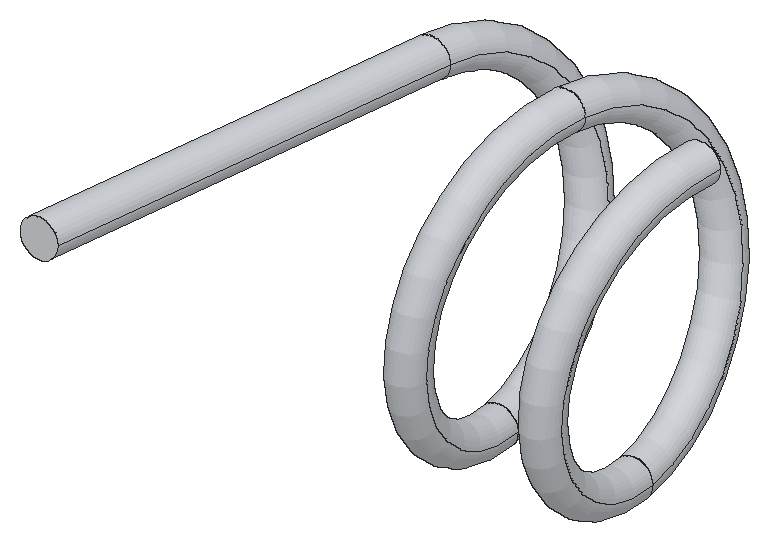
Revit family "RRHDWSRRING", category Generic Models, Revit 2018
Family settings
  Can host rebar = No
  Round Connector Dimension = Use Diameter
  Part Type = Normal
  Work Plane-Based = Yes
  Always vertical = No
  Cut with Voids When Loaded = No
  Shared = No
  Room Calculation Point = No
Parameters (values of type "RRHDWSRRING2")
  Tail = yes
  Ship Complete Level [instance] = ""
  Ring Material = none
  Required Date [instance] = ""
  Job [instance] = ""
  Group/Run [instance] = ""
  Description = "Cable Management Rocket Ring™ 304 1/4 Inch X 2 Inch"
  Default Elevation = 48.000"
  Custom [instance] = ""
  Catalog Number = "RRHDWSRRING2"
  Assembly Name [instance] = ""
  Assembly ID [instance] = ""
  2in = yes
  2 Tail = and(Tail, [2in])  # yes
  114 Tail = and(Tail, [114in])  # no
  114in = no
Types (4): name | Tail | Description | Catalog Number | 2in | 2 Tail | 114 Tail | 114in
  RRHDWSRRING11/4 | yes | "Cable Management Rocket Ring™ 304 1/4 Inch X 1 1/4 Inch" | "RRHDWSRRING11/4" | no | no | yes | yes
  RRHDWSRRING2 | yes | "Cable Management Rocket Ring™ 304 1/4 Inch X 2 Inch" | "RRHDWSRRING2" | yes | yes | no | no
  RRHDWSRRING11/4NT | no | "Cable Management Rocket Ring™ 304 1/4 Inch X 1 1/4 Inch No Tail" | "RRHDWSRRING11/4NT" | no | no | no | yes
  RRHDWSRRING2NT | no | "Cable Management Rocket Ring™ 304 1/4 Inch X 2 Inch No Tail" | "RRHDWSRRING2NT" | yes | no | no | no
Reference planes (in)
  plane 1 "Center (Front/Back)": y = 0
  plane 2: z = 0
  plane 3 "Center (Left/Right)": x = 0
  plane 4 "mid2": x = 0.88
  plane 5 "end": x = 1.76
  plane 6: y = 0.625
  plane 7: y = -0.625
  plane 8 "mid1": x = 0.44
  plane 9 "mid3": x = 1.32
  plane 10 "bottom": z = -0.625
  plane 11 "top": z = 0.625
  plane 12 "top 2": z = 1
  plane 13 "bottom 2": z = -1
  plane 14: y = 1
  plane 15: y = -1
Forms (in)
  SweptBlend 1, solid, material <- "Ring Material", visible <- "114in"
    path origin (0, 0, 0) x (0, 1, 0) y (0, 0, 1)
      loop
        arc (0, 0.625) -> (0.625, 0) -> (0, -0.625) r 0.625
    profile origin (0, 0, 0.625) x (0, 0, 1) y (1, 0, 0)
      loop
        circle (0, 0) r 0.125
    end profile origin (0, 0, -0.625) x (0, 0, -1) y (1, 0, 0)
      loop
        circle (0, 0.44) r 0.125
  Blend 2, solid, material <- "Ring Material", visible <- "114 Tail"
    base sketch origin (0, 0, 0) x (1, 0, 0) y (0, 0, 1)
      loop
        arc (0.12185, 0.59714) -> (0, 0.75) -> (-0.12185, 0.59714) r 0.125
        arc (-0.12185, 0.59714) -> (0, 0.50009) -> (0.12185, 0.59714) r 0.12502
    top sketch origin (0, 0, 0) x (1, 0, 0) y (0, 0, 1)
      loop
        circle (-0.59989, 0.625) r 0.125
    from 0 to 2.68377
  SweptBlend 3, solid, material <- "Ring Material", visible <- "114in"
    path origin (0.88, 0, 0) x (0, 1, 0) y (0, 0, 1)
      loop
        arc (0, 0.625) -> (0.625, 0) -> (0, -0.625) r 0.625
    profile origin (0.88, 0, 0.625) x (0, 0, 1) y (1, 0, 0)
      loop
        circle (0, 0) r 0.125
    end profile origin (0.88, 0, -0.625) x (0, 0, -1) y (1, 0, 0)
      loop
        circle (0, 0.44) r 0.125
  SweptBlend 4, solid, material <- "Ring Material", visible <- "114in"
    path origin (0.44, 0, 0) x (0, 1, 0) y (0, 0, 1)
      loop
        arc (0, -0.625) -> (-0.625, 0) -> (0, 0.625) r 0.625
    profile origin (0.44, 0, -0.625) x (0, 0, -1) y (1, 0, 0)
      loop
        circle (0, 0) r 0.125
    end profile origin (0.44, 0, 0.625) x (0, 0, 1) y (1, 0, 0)
      loop
        circle (0, 0.44) r 0.125
  SweptBlend 5, solid, material <- "Ring Material", visible <- "114in"
    path origin (1.32, 0, 0) x (0, 1, 0) y (0, 0, 1)
      loop
        arc (0, -0.625) -> (-0.625, 0) -> (0, 0.625) r 0.625
    profile origin (1.32, 0, -0.625) x (0, 0, -1) y (1, 0, 0)
      loop
        circle (0, 0) r 0.125
    end profile origin (1.32, 0, 0.625) x (0, 0, 1) y (1, 0, 0)
      loop
        circle (0, 0.44) r 0.125
  SweptBlend 6, solid, material <- "Ring Material", visible <- "2in"
    path origin (0, 0, 0) x (0, 1, 0) y (0, 0, 1)
      loop
        arc (0, 1) -> (1, 0) -> (0, -1) r 1
    profile origin (0, 0, 1) x (0, 0, 1) y (1, 0, 0)
      loop
        circle (0, 0) r 0.125
    end profile origin (0, 0, -1) x (0, 0, -1) y (1, 0, 0)
      loop
        circle (0, 0.44) r 0.125
  SweptBlend 7, solid, material <- "Ring Material", visible <- "2in"
    path origin (0.88, 0, 0) x (0, 1, 0) y (0, 0, 1)
      loop
        arc (0, 1) -> (1, 0) -> (0, -1) r 1
    profile origin (0.88, 0, 1) x (0, 0, 1) y (1, 0, 0)
      loop
        circle (0, 0) r 0.125
    end profile origin (0.88, 0, -1) x (0, 0, -1) y (1, 0, 0)
      loop
        circle (0, 0.44) r 0.125
  SweptBlend 8, solid, material <- "Ring Material", visible <- "2in"
    path origin (0.44, 0, 0) x (0, 1, 0) y (0, 0, 1)
      loop
        arc (0, -1) -> (-1, 0) -> (0, 1) r 1
    profile origin (0.44, 0, -1) x (0, 0, -1) y (1, 0, 0)
      loop
        circle (0, 0) r 0.125
    end profile origin (0.44, 0, 1) x (0, 0, 1) y (1, 0, 0)
      loop
        circle (0, 0.44) r 0.125
  SweptBlend 9, solid, material <- "Ring Material", visible <- "2in"
    path origin (1.32, 0, 0) x (0, 1, 0) y (0, 0, 1)
      loop
        arc (0, -1) -> (-1, 0) -> (0, 1) r 1
    profile origin (1.32, 0, -1) x (0, 0, -1) y (1, 0, 0)
      loop
        circle (0, 0) r 0.125
    end profile origin (1.32, 0, 1) x (0, 0, 1) y (1, 0, 0)
      loop
        circle (0, 0.44) r 0.125
  Blend 10, solid, material <- "Ring Material", visible <- "2 Tail"
    base sketch origin (0, 0, 0) x (1, 0, 0) y (0, 0, 1)
      loop
        arc (0.125, 1) -> (0, 1.125) -> (-0.125, 1) r 0.125
        arc (-0.125, 1) -> (0, 0.875) -> (0.125, 1) r 0.125
    top sketch origin (0, 0, 0) x (1, 0, 0) y (0, 0, 1)
      loop
        circle (-0.38273, 1) r 0.125
    from 0 to 2.72324
Lines and regions (in)
  model lines, visible <- "2 Tail"
    curve 1: line (-0.50773, -2.72324, 1) -> (-0.125, 0, 1)
    curve 2: line (0.125, 0, 1) -> (-0.25773, -2.72324, 1)
Dimensions and locks (in)
  aligned and locked: level to plane 2
